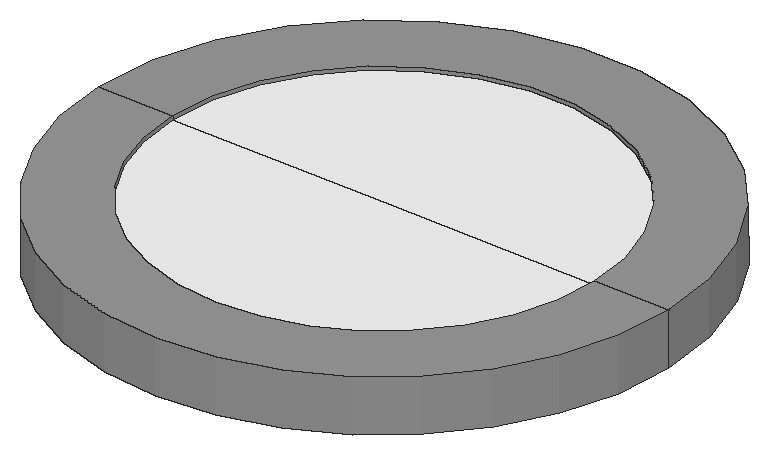
Revit family "0053412", category Lighting Fixtures, host Face, Revit 2017
Family settings
  Host = Face
  Round Connector Dimension = Use Diameter
  Part Type = Normal
  OmniClass Number = 23.80.70.00
  OmniClass Title = Lighting
  Cut with Voids When Loaded = No
  Light Source = Yes
  Shared = No
  Room Calculation Point = No
Parameters (values of type "0053412 SYLFLAT 5IN1 55-125 600LM CCT LILO - 6500K")
  Weight = "6.3 kg"
  Wattage Comments = ""
  Wattage = 6 W
  WarrantyStartDate [instance] = "n/a"
  WarrantyGuarantorParts = "n/a"
  WarrantyDurationUnit = "n/a"
  WarrantyDurationParts = "n/a"
  WarrantyDescription = "n/a"
  built-in parameter 1150110 = 1 (stored number, unit not read)
  Voltage = 230 V
  URL = "http://www.sylvania-lighting.com"
  TypeName = "SYLFLAT 5IN1 55-125 600LM CCT LILO - 6500K"
  Type Image = <None>
  Type Comments = "n/a"
  built-in parameter 1114217 = 1 (stored number, unit not read)
  Tilt Angle = -90.00°
  built-in parameter 1150109 = 1 (stored number, unit not read)
  built-in parameter 1150134 = 1
  built-in parameter 1150113 = 1 (stored number, unit not read)
  SerialNumber [instance] = "n/a"
  S_SYL = yes
  RingVisible_SYL [instance] = no
  Radius_SYL = if(S_SYL, 82.1 mm, if(M_SYL, 108.4 mm, 145.8 mm))  # 82.1 mm
  RadiusRing_SYL = if(S_SYL, 83.1 mm, if(M_SYL, 109.4 mm, 146.8 mm))  # 83.1 mm
  RadiusRingIn_SYL = if(S_SYL, 59.5 mm, if(M_SYL, 85.8 mm, 123.2 mm))  # 59.5 mm
  Photometric Web File = "0053412-WW.ies"
  Material_3_SYL = Chrome - Polished
  PowerFactor = 0
  PowerConsumption = "6 W"
  NominalLength = 165 mm
  NominalHeight = 35 mm
  NominalDepth = 165 mm
  Name = "SYLFLAT 5IN1 55-125 600LM CCT LILO - 6500K"
  ModelReference = Name  # "SYLFLAT 5IN1 55-125 600LM CCT LILO - 6500K"
  ModelNumber = "0053412"
  Model = Name  # "SYLFLAT 5IN1 55-125 600LM CCT LILO - 6500K"
  Material = "pc polycarbonate housing"
  ManufacturerName = "Feilo Sylvania"
  Manufacturer = "Feilo Sylvania"
  M_SYL = no
  LuminousEfficacy = "100 lm/W"
  LuminousAreaRad_SYL = if(S_SYL, 60.8 mm, if(M_SYL, 87 mm, 124.4 mm))  # 60.8 mm
  built-in parameter 1150105 = 47.746 (stored number, unit not read)
  Lumens = 600 lm
  LuminaireType = ""
  built-in parameter 1150115 = 1 (stored number, unit not read)
  LightOutputRatio = "n/a"
  built-in parameter 1150137 = (empty or 0)
  built-in parameter 1150139 = (empty or 0)
  LampsType = Lamp  # "LED"
  LampNominalLuminous = "600 lm"
  LampMacAdamStep = "n/a"
  LampColourTemperature = "6500 K"
  LampColourRenderingIndex = "80"
  built-in parameter 1150112 = 1 (stored number, unit not read)
  built-in parameter 1150114 = 1 (stored number, unit not read)
  Lamp = "LED"
  Keynote = "16500"
  InstallationDate [instance] = "n/a"
  InputVoltage = "220-240 V AC"
  InputNominalFrequency = "50/60 Hz"
  built-in parameter 1150132 = (empty or 0)
  built-in parameter 1150102 = (empty or 0)
  built-in parameter 1150107 = 6500 (stored number, unit not read)
  built-in parameter 1150138 = (empty or 0)
  IngressProtection = "IP20"
  ImpactProtectionIndex = "IK03"
  built-in parameter 1150106 = 0.47746 (stored number, unit not read)
  IfcExportType = "IfcLightFixtureType"
  IfcExportAs = "IfcLightFixtureType"
  Emit from Circle Diameter = LuminousAreaRad_SYL * 2  # 121.6 mm
  Emit Shape Visible in Rendering = no
  ElectricShockClassification = "Class II"
  built-in parameter 1150104 = 9.2903 (stored number, unit not read)
  DocumentationLiterature = "http://www.sylvania-lighting.com/product/en-int/products/0053412"
  DimmingControlOptions = "n/a"
  Material_2_SYL = LED
  Dimming Lamp Color Temperature Shift = <None>
  Description = ""
  Default Elevation = 1219.2 mm
  CreatedOn = "8/26/2019"
  CreatedBy = "@sylvania-lighting.com"
  Cost = 0
  Color Filter = 16777215
  built-in parameter 1114216 [instance] = (empty or 0)
  ClassificationValue = "EF_70_80"
  ClassificationName = "Uniclass2015"
  Material_1_SYL = PC/ABS Plastic
  BarCode [instance] = "n/a"
  built-in parameter 1114218 = 1 (stored number, unit not read)
  built-in parameter 1150133 = 10 (stored number, unit not read)
  AssetType = "Fixed"
  AssetIdentifier [instance] = "n/a"
  Assembly Code = "D5020200"
  Apparent Load = 6 VA
  Material_4_SYL = Plastic, Opaque Black
Types (3, lengths in mm): name | TypeName | built-in parameter 1150134 | Photometric Web File | Name | ModelReference | Model | LampColourTemperature | built-in parameter 1150107
  0053412 SYLFLAT 5IN1 55-125 600LM CCT LILO - 6500K | "SYLFLAT 5IN1 55-125 600LM CCT LILO - 6500K" | 1 | "0053412-WW.ies" | "SYLFLAT 5IN1 55-125 600LM CCT LILO - 6500K" | "SYLFLAT 5IN1 55-125 600LM CCT LILO - 6500K" | "SYLFLAT 5IN1 55-125 600LM CCT LILO - 6500K" | "6500 K" | 6500 (stored number, unit not read)
  0053412 SYLFLAT 5IN1 55-125 600LM CCT LILO - 4000K | "SYLFLAT 5IN1 55-125 600LM CCT LILO - 4000K" | 12 | "0053412-NW.ies" | "SYLFLAT 5IN1 55-125 600LM CCT LILO - 4000K" | "SYLFLAT 5IN1 55-125 600LM CCT LILO - 4000K" | "SYLFLAT 5IN1 55-125 600LM CCT LILO - 4000K" | "4000 K" | 4000 (stored number, unit not read)
  0053412 SYLFLAT 5IN1 55-125 600LM CCT LILO - 3000K | "SYLFLAT 5IN1 55-125 600LM CCT LILO - 3000K" | (empty or 0) | "0053412-CW.ies" | "SYLFLAT 5IN1 55-125 600LM CCT LILO - 3000K" | "SYLFLAT 5IN1 55-125 600LM CCT LILO - 3000K" | "SYLFLAT 5IN1 55-125 600LM CCT LILO - 3000K" | "3000 K" | 3000 (stored number, unit not read)
Reference planes
  plane 1 "Center (Front/Back)": y = 0
  plane 2: z = 0
  plane 3 "Center (Left/Right)": x = 0
  plane 4: x = -82.1
  plane 5: z = 15
  plane 6: x = -60.8
  plane 7: z = 14
  plane 8: x = -83.1
  plane 9: z = 16
  plane 10: x = -59.5
Forms (mm)
  Revolve 1, solid, material "PC/ABS Plastic" <- "Material_1_SYL"
    sketch origin (0, 0, 0) x (1, 0, 0) y (0, 0, 1)
      loop
        line (0, 14) -> (-60.8, 14) -> (-60.8, 15) -> (-82.1, 15) -> (-82.1, 0) -> (0, 0) -> (0, 14)
      axis (0, 15) -> (0, 0)
    angle from 360 to 0
  Revolve 2, solid, material "Chrome - Polished" <- "Material_3_SYL", visible <- "RingVisible_SYL"
    sketch origin (0, 0, 0) x (1, 0, 0) y (0, 0, 1)
      loop
        line (-83.1, 0) -> (-82.1, 0) -> (-82.1, 15) -> (-59.5, 15) -> (-59.5, 16) -> (-83.1, 16) -> (-83.1, 0)
      axis (0, 16) -> (0, 0)
    angle from 360 to 0
Dimensions and locks
  locked: plane 5 to level at 15
  "Radius_SYL": plane 3 "Center (Left/Right)" to plane 4
  "LuminousAreaRad_SYL": plane 3 "Center (Left/Right)" to plane 6
  locked: plane 5 to plane 7 at 1
  locked: plane 9 to level at 16
  "RadiusRing_SYL": plane 3 "Center (Left/Right)" to plane 8
  "RadiusRingIn_SYL": plane 3 "Center (Left/Right)" to plane 10
  aligned and locked: plane 2 to host face
  aligned and locked: level to host face
  aligned and locked: Revolve 1 sketch curve to plane 3 "Center (Left/Right)"
  aligned and locked: plane 3 "Center (Left/Right)" to Revolve 1 sketch curve
  aligned and locked: Revolve 1 sketch curve to plane 7
  aligned and locked: Revolve 1 sketch curve to plane 6
  aligned and locked: Revolve 1 sketch curve to plane 5
  aligned and locked: Revolve 1 sketch curve to plane 4
  aligned and locked: Revolve 1 sketch curve to level
  aligned and locked: imposter light to Revolve 1 sketch curve
  aligned and locked: imposter light to plane 7
  aligned and locked: plane 3 "Center (Left/Right)" to imposter light
  aligned and locked: imposter light to plane 1 "Center (Front/Back)"
  aligned and locked: Revolve 2 sketch curve to plane 3 "Center (Left/Right)"
  aligned and locked: level to Revolve 2 sketch curve
  aligned and locked: plane 8 to Revolve 2 sketch curve
  aligned and locked: plane 9 to Revolve 2 sketch curve
  aligned and locked: Revolve 2 sketch curve to plane 10
  aligned and locked: Revolve 2 sketch curve to plane 5
  aligned and locked: Revolve 2 sketch curve to Revolve 1
  aligned and locked: Revolve 1 to Revolve 2 sketch curve
Automatic sketch dimensions
  host sketch curve to host sketch curve = 400 mm  (x2)
  Revolve 1 sketch curve to level = 609.6 mm
  Revolve 1 sketch curve to plane 5 = 2594.058 mm
  Revolve 2 sketch curve to level = 609.6 mm
  Revolve 2 sketch curve to plane 9 = 2593.058 mm
Connectors
  electrical at (0, 0, 0), driven by "Apparent Load", driven by "PowerFactor", driven by "Voltage"
    settings: index 1, voltage 230 V, apparent load 6 VA, apparent load phase1 0 VA, apparent load phase2 0 VA, apparent load phase3 0 VA, power factor 0, load classification "Lighting", number of poles 1, system type 30, power factor state 1, is connector primary yes, connector utility no, sub classification motor no, connector description ""
